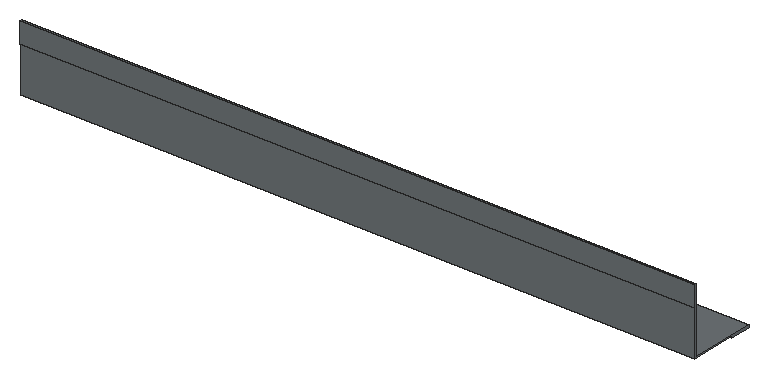
Revit family "BIMLIB_ПланкаУглаВнутреннего_GRANDLINE", category Обобщенные модели, Revit 2017
Family settings
  Может служить основой для арматурных стержней = Нет
  Размер круглого соединителя = Использовать диаметр
  Тип детали = Нормальный
  При загрузке вырезать с полостями = Нет
  Общий = Нет
  Точка расчета площади = Нет
Parameters (values of type "110х110")
  Смещение от плоскости [instance] = 0 mm
  Описание = ADSK_Наименование  # "Планка угла внутреннего 110х110"
  Нахлест_Длина = 15 mm
  Изготовитель = "Grand Line"  # constant formula
  built-in parameter 1001306 [instance] = 500 mm
  Watermark [instance] = "Модели защищены уникальным кодом"
  URL = "https://www.grandline.ru"
  BL_Разработано = "support@bimlib.pro"
  BL_Email = "info@grandline.ru"
  BL_BIM library = "https://bimlib.pro/manufacturer/company/22430"
  ADSK_Размер_Длина [instance] = [built-in parameter 1001306]  # 500 mm
  ADSK_Размер_Глубина = 50 mm
  ADSK_Обозначение = "ГОСТ 19904-90, ГОСТ 14918-80"
  ADSK_Наименование = "Планка угла внутреннего 110х110"
  ADSK_Материал тип подсчета = 1  # constant formula
  ADSK_Материал = GL_Drap_RAL7016
  ADSK_Масса_Текст [instance] = ""
  ADSK_Масса [instance] = 0
  ADSK_Марка = ""
  ADSK_Количество [instance] = if(ADSK_Материал тип подсчета = 0, 1, if(ADSK_Материал тип подсчета = 1, ADSK_Размер_Длина / 1000 mm, 0))  # 0.5
  ADSK_Код изделия = "M011-058"
  ADSK_Завод-изготовитель = "Grand Line"  # constant formula
  ADSK_Единица измерения = "м"  # constant formula
  ADSK_Группирование = "Доборные элементы"  # constant formula
  ADSK_Версия Revit = "2017"  # constant formula
  ADSK_URL страницы изделия = "https://www.grandline.ru/katalog/fasad/dobornye-elementy-fasada/planki-uglov/planki-vnutrennikh-uglov/planka-ugla-vnutrennego-110kh110/"
  ADSK_URL документации изделия = "https://www.grandline.ru/uploads/files/chertezhi_vse/dobornye_elementy/de_saiyding_fasad/Planka_ugla_vnutrennego_110x110.jpg"
Types (5, lengths in mm): name | Описание | Нахлест_Длина | ADSK_Размер_Глубина | ADSK_Наименование | ADSK_Код изделия | ADSK_URL страницы изделия | ADSK_URL документации изделия
  30х30 | "Планка угла внутреннего 30х30" | 10 | 30 | "Планка угла внутреннего 30х30" | "M011-056" | "https://www.grandline.ru/katalog/fasad/dobornye-elementy-fasada/planki-uglov/planki-vnutrennikh-uglov/planka-ugla-vnutrennego-10kh30kh30kh10/" | "https://www.grandline.ru/uploads/files/chertezhi_vse/dobornye_elementy/de_saiyding_fasad/Planka_ugla_vnutrennego_30x30.jpg"
  40х40 | "Угол внутренний 40х40" | 10 | 40 | "Угол внутренний 40х40" | "M018.060.002" | "https://www.grandline.ru/" | "https://www.grandline.ru/"
  50х50 | "Планка угла внутреннего 50х50" | 12.5 | 50 | "Планка угла внутреннего 50х50" | "M011-057" | "https://www.grandline.ru/katalog/fasad/dobornye-elementy-fasada/planki-uglov/planki-vnutrennikh-uglov/planka-ugla-vnutrennego-50kh50/" | "https://www.grandline.ru/uploads/files/chertezhi_vse/dobornye_elementy/de_saiyding_fasad/Planka_ugla_vnutrennego_50x50.jpg"
  70х70 | "Угол внутренний 70х70" | 10 | 70 | "Угол внутренний 70х70" | "M018.060.001" | "https://www.grandline.ru/" | "https://www.grandline.ru/"
  110х110 | "Планка угла внутреннего 110х110" | 15 | 50 | "Планка угла внутреннего 110х110" | "M011-058" | "https://www.grandline.ru/katalog/fasad/dobornye-elementy-fasada/planki-uglov/planki-vnutrennikh-uglov/planka-ugla-vnutrennego-110kh110/" | "https://www.grandline.ru/uploads/files/chertezhi_vse/dobornye_elementy/de_saiyding_fasad/Planka_ugla_vnutrennego_110x110.jpg"
Reference planes
  plane 1 "По центру (Вперед/Назад)": y = 0
  plane 2: z = 0
  plane 3 "Слева": x = 0
  plane 4 "Справа": x = 500
Forms (mm)
  Sweep 1, solid, material "GL_Drap_RAL7016" <- "ADSK_Материал"
    path in 3D
      loop
        line (0, 0, 0) -> (500, 0, 0)
    profile "Профиль_УголВнутренний : Профиль" origin (250, 0, 0) x (0, 1, 0) y (0, 0, 1)
      loop
        line (50, 1.6) -> (1.6, 1.6) -> (1.6, 50) -> (0, 50) -> (0, 35) -> (0.8, 35) -> (0.8, 0.8) -> (35, 0.8) -> (35, 0) -> (50, 0) -> (50, 1.6)
Lines and regions (mm)
  reference lines
    curve 1: line (0, 0, 0) -> (500, 0, 0)
  sketch lines
    curve 2: line (0, 0, 0) -> (500, 0, 0)
Dimensions and locks
  "built-in parameter 1001306": plane 3 "Слева" to plane 4 "Справа"
  aligned and locked: plane 4 "Справа" to curve 1
  aligned and locked: plane 1 "По центру (Вперед/Назад)" to curve 1
  aligned and locked: plane 3 "Слева" to curve 1
  aligned and locked: level to plane 2
